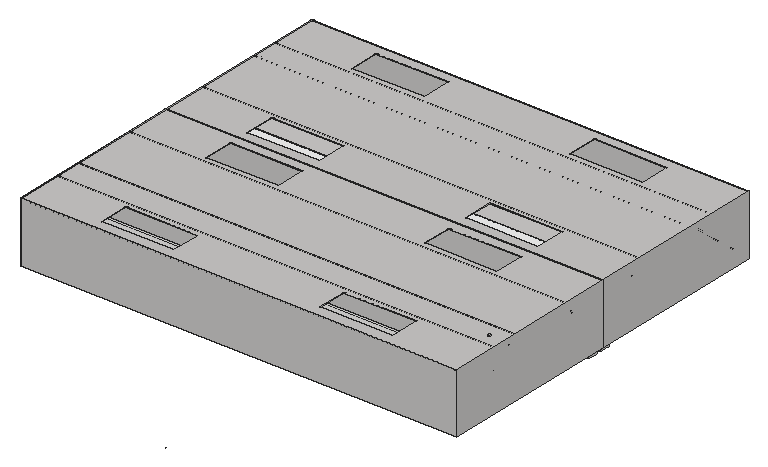
Revit family "QF_ELECTROLUXPROFESSIONAL_641397_STCF3036", category Specialty Equipment, Revit 2014
Reference planes
  plane 1 "Center (Front/Back)": y = 0
  plane 2: z = 0
  plane 3 "Center (Left/Right)": x = 400
  plane 4 "LEFT": x = -1400
  plane 5 "RIGHT": x = 2200
  plane 6 "BACK": y = 1500
  plane 7 "FRONT": y = -1500
  plane 8 "Base": z = 2000
  plane 9 "EIx": x = 2080
  plane 10 "Top": z = 2500
  plane 11 "BaseHood": z = 2000
  plane 12: y = -1020
Forms (mm)
  Extrusion 1, solid, material "QF_Finishes_Stainless Steel"
    sketch origin (0, -1020, 2500) x (0, 1, 0) y (-1, 0, 0)
      loop
        circle (0, -2080) r 10
    from 0 to 1.6
Dimensions and locks
  equal spacing: plane 6 "BACK", plane 1 "Center (Front/Back)", plane 7 "FRONT"
  plane 6 "BACK" to plane 7 "FRONT" = 3000.0 mm  (x2)
  locked: plane 9 "EIx" to plane 5 "RIGHT" at 120
  plane 11 "BaseHood" to level = 2000.0 mm
  plane 10 "Top" to plane 11 "BaseHood" = 500.0 mm
  equal spacing: plane 4 "LEFT", plane 3 "Center (Left/Right)", plane 5 "RIGHT"
  plane 4 "LEFT" to plane 5 "RIGHT" = 3600.0 mm
  nested 2 to plane 6 "BACK" = 1500.0 mm
  plane 12 to plane 7 "FRONT" = 480.0 mm
  aligned and locked: level to plane 2
Automatic sketch dimensions
  plane 1 "Center (Front/Back)" to Extrusion 1 sketch curve = 1020.0 mm
  Extrusion 1 sketch curve to plane 9 "EIx" = 0.0 mm
  radius of Extrusion 1 sketch curve = 10.0 mm
Nested families
  nested 1: "QF_ELECTROLUXPROFESSIONAL_641263" at (250, -550, 0), type "QF_ELECTROLUXPROFESSIONAL_641263"
  nested 2: "QF_ELECTROLUXPROFESSIONAL_641263" at (250, 550, 0), type "QF_ELECTROLUXPROFESSIONAL_641263"
Connectors
  hvac at (-500, -1289, 2505)
    settings: on nested 1, index 1, duct flow 0.0 L/s, flow factor 0, pres drop 0.0 Pa, loss coef 0, conn angle 0.00°, conn width 250 mm, conn height 600 mm, conn diameter 609.6 mm, duct sys type 1, conn prof type 1, flow config 1, flow direction 1, loss method 0, conn ref index -1, conn util no, is conn primary yes, conn desc "AIR INLET"
  hvac at (-500, 1289, 2505)
    settings: on nested 2, index 4, duct flow 0.0 L/s, flow factor 0, pres drop 0.0 Pa, loss coef 0, conn angle 0.00°, conn width 600 mm, conn height 250 mm, conn diameter 609.6 mm, duct sys type 1, conn prof type 1, flow config 1, flow direction 1, loss method 0, conn ref index -1, conn util no, is conn primary no, conn desc "AIR INLET"
  hvac at (1300, 1289, 2505)
    settings: on nested 2, index 5, duct flow 0.0 L/s, flow factor 0, pres drop 0.0 Pa, loss coef 0, conn angle 0.00°, conn width 600 mm, conn height 250 mm, conn diameter 609.6 mm, duct sys type 1, conn prof type 1, flow config 1, flow direction 1, loss method 0, conn ref index -1, conn util no, is conn primary no, conn desc "AIR INLET"
  hvac at (1300, -1289, 2505)
    settings: on nested 1, index 8, duct flow 0.0 L/s, flow factor 0, pres drop 0.0 Pa, loss coef 0, conn angle 0.00°, conn width 250 mm, conn height 600 mm, conn diameter 609.6 mm, duct sys type 1, conn prof type 1, flow config 1, flow direction 1, loss method 0, conn ref index -1, conn util no, is conn primary no, conn desc "AIR INLET"
  piping at (2080, 60, 1970), diameter 9.5
    settings: on nested 2, index 9, connector inside diameter 609.6 mm, connector length 0.0 mm, flow factor 0, pipe flow 0.0 L/s, pressure drop 0.0 Pa, fitting loss kfactor 0, connector angle 0.00°, fixture units 0, engagement length 0.0 mm, angle of deflection 0.00°, flow configuration 1, flow direction 2, fitting loss method 0, system type 16, joint type 0, gender type 0, connector reference index -1, connector utility 0, adjustable connector no, is connector primary yes, connector description "Drain"
  piping at (2080, -60, 1970), diameter 9.5
    settings: on nested 1, index 10, connector inside diameter 609.6 mm, connector length 0.0 mm, flow factor 0, pipe flow 0.0 L/s, pressure drop 0.0 Pa, fitting loss kfactor 0, connector angle 0.00°, fixture units 0, engagement length 0.0 mm, angle of deflection 0.00°, flow configuration 1, flow direction 2, fitting loss method 0, system type 16, joint type 0, gender type 0, connector reference index -1, connector utility 0, adjustable connector no, is connector primary no, connector description "Drain"
  electrical at (2080, -1020, 2501.6)
    settings: on Extrusion 1, index 11, voltage 0 V, apparent load 0 VA, apparent load phase1 0 VA, apparent load phase2 0 VA, apparent load phase3 0 VA, power factor 1, load classification "Other", number of poles 1, system type 30, power factor state 1, is connector primary yes, connector utility no, sub classification motor no, connector description "Electrical Connection"
  hvac at (-500, 211, 2500)
    settings: on nested 2, index 12, duct flow 0.0 L/s, flow factor 0, pres drop 0.0 Pa, loss coef 0, conn angle 0.00°, conn width 250 mm, conn height 600 mm, conn diameter 609.6 mm, duct sys type 3, conn prof type 1, flow config 1, flow direction 2, loss method 0, conn ref index -1, conn util no, is conn primary no, conn desc "EXHAUST OUTLET"
  hvac at (-500, -211, 2500)
    settings: on nested 1, index 13, duct flow 0.0 L/s, flow factor 0, pres drop 0.0 Pa, loss coef 0, conn angle 0.00°, conn width 600 mm, conn height 250 mm, conn diameter 609.6 mm, duct sys type 3, conn prof type 1, flow config 1, flow direction 2, loss method 0, conn ref index -1, conn util no, is conn primary no, conn desc "EXHAUST OUTLET"
  hvac at (1300, 211, 2500)
    settings: on nested 2, index 14, duct flow 0.0 L/s, flow factor 0, pres drop 0.0 Pa, loss coef 0, conn angle 0.00°, conn width 250 mm, conn height 600 mm, conn diameter 609.6 mm, duct sys type 3, conn prof type 1, flow config 1, flow direction 2, loss method 0, conn ref index -1, conn util no, is conn primary no, conn desc "EXHAUST OUTLET"
  hvac at (1300, -211, 2500)
    settings: on nested 1, index 15, duct flow 0.0 L/s, flow factor 0, pres drop 0.0 Pa, loss coef 0, conn angle 0.00°, conn width 600 mm, conn height 250 mm, conn diameter 609.6 mm, duct sys type 3, conn prof type 1, flow config 1, flow direction 2, loss method 0, conn ref index -1, conn util no, is conn primary no, conn desc "EXHAUST OUTLET"
Definition of nested family "QF_ELECTROLUXPROFESSIONAL_641263"
  Reference planes
    plane 1: z = 0
    plane 2 "Center (Left/Right)": x = 150
    plane 3 "LEFT": x = -1650
    plane 4 "RIGHT": x = 1950
    plane 5 "BACK": y = 550
    plane 6 "TOP": z = 2500
    plane 7 "Base": z = 2000
    plane 8: z = 1955
    plane 9 "DrainY": y = 490
    plane 10: x = -1647
    plane 11 "DrainX": x = 1830
    plane 12 "AOLeft2": x = -450
    plane 13 "AORight1": x = 750
    plane 14: x = 1947
    plane 15: x = -1450
    plane 16: x = 1750
    plane 17 "Center (Front/Back)": y = -200
    plane 18 "Front": y = -950
    plane 19 "AOLeft1": x = -1050
    plane 20 "AORight2": x = 1350
    plane 21: y = -864
    plane 22: y = -614
    plane 23 "EI_y": y = -470
    plane 24 "EIx": x = 1830
    plane 25: y = 464
    plane 26: y = 214
  Forms (mm)
    Extrusion 1, solid, material "QF_Finishes_Stainless Steel"
      sketch origin (-1650, 0, 360) x (0, 1, 0) y (0, 0, 1)
        loop
          line (550, 1640) -> (550, 2140) -> (-950, 2140) -> (-950, 1640) -> (550, 1640)
      from 0 to 3
    Extrusion 2, solid, material "QF_Finishes_Stainless Steel"
      sketch origin (1950, 0, 360) x (0, 1, 0) y (0, 0, 1)
        loop
          line (550, 1640) -> (550, 2140) -> (-950, 2140) -> (-950, 1640) -> (550, 1640)
      from 0 to -3
    Extrusion 3, solid, material "QF_Finishes_Stainless Steel"
      sketch origin (150, 0, 360) x (0, 1, 0) y (0, 0, 1)
        loop
          line (-950, 2140) -> (-950, 1640) -> (-940, 1640) -> (-940, 1640.8) -> (-949.2, 1640.8) -> (-949.2, 2139.19) -> (549.2, 2139.19) -> (549.2, 1640.8) -> (540, 1640.8) -> (540, 1640) -> (550, 1640) -> (550, 2140) -> (-950, 2140)
      from -1800 to 1800
    Extrusion 4, solid, material "QF_Finishes_Stainless Steel"
      sketch origin (0, 0, 2000) x (0, 1, 0) y (-1, 0, 0)
        loop
          circle (490, -1830) r 4.763
      from -30 to 0
    Extrusion 5, void
      sketch origin (0, 0, 2500) x (0, 1, 0) y (-1, 0, 0)
        loop
          line (-614, 450) -> (-614, 1050) -> (-864, 1050) -> (-864, 450) -> (-614, 450)
      from 0 to -10
    Extrusion 6, solid, material "QF_Finishes_Stainless Steel"
      sketch origin (0, 0, 0) x (1, 0, 0) y (0, 1, 0)
        loop
          line (-1650, 550) -> (-1650, 549) -> (-1649, 549) -> (-1649, 550) -> (-1650, 550)
      from 0 to 1
    Extrusion 7, solid, material "QF_LAMPS"
      sketch origin (150, 0, 360) x (0, 1, 0) y (0, 0, 1)
        loop
          line (-572.823, 1962.324) -> (-418.948, 2086.929) -> (-427.129, 2097.032) -> (-581.003, 1972.426) -> (-572.823, 1962.324)
      from 1797 to -1797
    Sweep 8, solid, material "QF_Finishes_Stainless Steel"
      path origin (0, 0, 0) x (1, 0, 0) y (0, 1, 0)
        loop
          line (1950, 550) -> (-1650, 550) -> (-1650, -950) -> (1950, -950) -> (1950, 550)
      profile origin (1950, -200, 0) x (1, 0, 0) y (0, 0, 1)
        loop
          line (-3, 2000) -> (-3, 2000.8) -> (-19, 2000.8) -> (-19, 2010) -> (-20, 2010) -> (-20, 2000) -> (-3, 2000)
    Extrusion 9, solid, material "QF_Finishes_Stainless Steel"
      sketch origin (150, 0, 0) x (0, 1, 0) y (0, 0, 1)
        loop
          line (414.66, 2095.469) -> (440.643, 2110.471) -> (261.744, 2411.771) -> (235.948, 2396.455) -> (414.66, 2095.469)
      from -1797 to -1600
    Extrusion 10, void
      sketch origin (1134.605, 0, 2500) x (0, 1, 0) y (-1, 0, 0)
        loop
          line (-614, -215.395) -> (-614, 384.605) -> (-864, 384.605) -> (-864, -215.395) -> (-614, -215.395)
      from 0 to -10
    Extrusion 11, solid, material "QF_Finishes_Stainless Steel"
      sketch origin (1830, 0, 0) x (0, 1, 0) y (0, 0, 1)
        loop
          line (539, 2000) -> (441, 2000) -> (441, 1989) -> (448.5, 1989) -> (448.5, 1965)
          arc (448.5, 1965) -> (451.429, 1957.929) -> (458.5, 1955) r 10
          line (458.5, 1955) -> (521.5, 1955)
          arc (521.5, 1955) -> (528.571, 1957.929) -> (531.5, 1965) r 10
          line (531.5, 1965) -> (531.5, 1989) -> (539, 1989) -> (539, 2000)
      from 90 to -90
    Extrusion 12, solid, material "QF_Finishes_Stainless Steel"
      sketch origin (150, 0, 0) x (0, 1, 0) y (0, 0, 1)
        loop
          line (414.66, 2095.469) -> (440.643, 2110.471) -> (261.744, 2411.771) -> (235.948, 2396.455) -> (414.66, 2095.469)
      from 1600 to 1797
    Extrusion 13, solid, material "QF_Finished_Chrome"
      sketch origin (150, 0, 0) x (0, 1, 0) y (0, 0, 1)
        loop
          line (414.66, 2095.469) -> (440.643, 2110.471) -> (261.744, 2411.771) -> (235.948, 2396.455) -> (414.66, 2095.469)
      from -1600 to 1600
    Extrusion 14, void
      sketch origin (0, 1180, 2500) x (0, 1, 0) y (-1, 0, 0)
        loop
          line (-716, 450) -> (-716, 1050) -> (-966, 1050) -> (-966, 450) -> (-716, 450)
      from 0 to -10
    Extrusion 15, void
      sketch origin (1600, 1180, 2500) x (0, 1, 0) y (-1, 0, 0)
        loop
          line (-716, 250) -> (-716, 850) -> (-966, 850) -> (-966, 250) -> (-716, 250)
      from 0 to -10
    Extrusion 16, solid, material "QF_Finishes_Stainless Steel"
      sketch origin (150, 0, 360) x (0, 1, 0) y (0, 0, 1)
        loop
          line (430.005, 1640) -> (540, 1640) -> (540, 1640.8) -> (430.467, 1640.8) -> (371.906, 1742.23) -> (414.858, 1734.657) -> (442.266, 1750.481) -> (442.266, 1765.943) -> (441.466, 1765.943) -> (441.466, 1750.943) -> (414.709, 1735.495) -> (321.153, 1751.991) -> (320.875, 1750.416) -> (371.4, 1741.507) -> (430.005, 1640)
        loop
          line (172.529, 2139.19) -> (242.893, 2017.316) -> (245.133, 2018.715) -> (240.13, 2027.381) -> (238.569, 2026.405) -> (173.453, 2139.19) -> (172.529, 2139.19)
      from -1797 to 1797
    Extrusion 17, solid, material "QF_Finishes_Stainless Steel"
      sketch origin (150, 200.8, 360) x (0, 1, 0) y (0, 0, 1)
        loop
          line (-1150, 2139.19) -> (-1150, 1640) -> (-1086.602, 1640) -> (-999.146, 1690.493) -> (-1010.058, 1709.394) -> (-1066.564, 1676.77) -> (-1114.704, 1680.982) -> (-1149.2, 1730.248) -> (-1149.2, 2139.19) -> (-1150, 2139.19)
        loop
          line (-773.6, 1961.694) -> (-781.937, 1971.99) -> (-769.095, 1982.182) -> (-769.095, 2139.19) -> (-769.895, 2139.19) -> (-769.895, 1982.569) -> (-1082.298, 1734.63) -> (-1071.091, 1720.79) -> (-773.6, 1961.694)
        loop
          line (-627.61, 2099.216) -> (-618.171, 2087.559) -> (-554.411, 2139.19) -> (-555.682, 2139.19) -> (-618.052, 2088.684) -> (-626.989, 2099.719) -> (-627.61, 2099.216)
      from -1797 to 1797
  Cuts and joins
    Extrusion 5, Extrusion 10, Extrusion 14, Extrusion 15 cuts Extrusion 3
    joined: Extrusion 2, Extrusion 3, Sweep 8
  Lines and regions (mm)
    symbolic lines, style "SpecialityEquipment", detail levels coarse
      curve 1: line (1950, 550, 2500) -> (-1650, 550, 2500)
      curve 2: line (-1650, 550, 2500) -> (-1650, -950, 2500)
      curve 3: line (1950, -950, 2500) -> (1950, 550, 2500)
      curve 4: line (-1650, 550, 0) -> (1950, -950, 0)
      curve 5: line (1950, 550, 0) -> (-1650, -950, 0)
      curve 6: line (-1650, -950, 0) -> (1950, -950, 0)
    symbolic lines, detail levels coarse
      curve 7: line (-1050, 214, 2500) -> (-450, 214, 2500)
      curve 8: line (-1050, 464, 2500) -> (-1050, 214, 2500)
      curve 9: line (-450, 464, 2500) -> (-1050, 464, 2500)
      curve 10: line (-450, 214, 2500) -> (-450, 464, 2500)
      curve 11: line (750, 464, 2500) -> (750, 214, 2500)
      curve 12: line (1350, 464, 2500) -> (750, 464, 2500)
      curve 13: line (750, 214, 2500) -> (1350, 214, 2500)
      curve 14: line (1350, 214, 2500) -> (1350, 464, 2500)
    symbolic lines
      curve 15: line (-1050, -614, 0) -> (-450, -614, 0)
      curve 16: line (-1050, -864, 0) -> (-1050, -614, 0)
      curve 17: line (-450, -864, 0) -> (-1050, -864, 0)
      curve 18: line (-450, -614, 0) -> (-450, -864, 0)
      curve 19: line (750, -614, 0) -> (1350, -614, 0)
      curve 20: line (750, -864, 0) -> (750, -614, 0)
      curve 21: line (1350, -864, 0) -> (750, -864, 0)
      curve 22: line (1350, -614, 0) -> (1350, -864, 0)
  Dimensions and locks
    plane 3 "LEFT" to plane 4 "RIGHT" = 3600.0 mm
    equal spacing: plane 3 "LEFT", plane 2 "Center (Left/Right)", plane 4 "RIGHT"
    plane 7 "Base" to plane 8 = 45.0 mm
    plane 5 "BACK" to plane 9 "DrainY" = 60.0 mm  (x2)
    plane 3 "LEFT" to plane 10 = 3.0 mm
    plane 11 "DrainX" to plane 4 "RIGHT" = 120.0 mm
    plane 14 to plane 4 "RIGHT" = 3.0 mm
    plane 3 "LEFT" to plane 15 = 200.0 mm
    plane 16 to plane 4 "RIGHT" = 200.0 mm
    locked: plane 12 "AOLeft2" to plane 13 "AORight1" at 1200
    equal spacing: plane 12 "AOLeft2", plane 2 "Center (Left/Right)", plane 13 "AORight1"
    locked: plane 7 "Base" to level at 2000
    locked: plane 6 "TOP" to plane 7 "Base" at 500
    locked: plane 19 "AOLeft1" to plane 12 "AOLeft2" at 600
    locked: plane 13 "AORight1" to plane 20 "AORight2" at 600
    locked: plane 22 to plane 21 at 250
    locked: plane 21 to plane 18 "Front" at 86
    locked: plane 23 "EI_y" to plane 18 "Front" at 480
    locked: plane 24 "EIx" to plane 4 "RIGHT" at 120
    locked: plane 5 "BACK" to plane 18 "Front" at 1500
    plane 5 "BACK" to plane 18 "Front" = 1500.0 mm
    equal spacing: plane 5 "BACK", plane 17 "Center (Front/Back)", plane 18 "Front"
    locked: plane 26 to plane 25 at 250
    plane 5 "BACK" to plane 25 = 86.0 mm
    aligned and locked: level to plane 1
    aligned and locked: plane 4 "RIGHT" to Extrusion 3
    aligned and locked: Extrusion 3 to plane 3 "LEFT"
    aligned and locked: Extrusion 2 to plane 14
    aligned and locked: Extrusion 9 to plane 10
    aligned and locked: Extrusion 5 to plane 19 "AOLeft1"
    aligned and locked: Extrusion 5 to plane 12 "AOLeft2"
    aligned and locked: plane 20 "AORight2" to Extrusion 10
    aligned and locked: plane 13 "AORight1" to Extrusion 10
    aligned and locked: plane 15 to Extrusion 9
    aligned and locked: plane 16 to Extrusion 12
    aligned and locked: plane 14 to Extrusion 12
    aligned and locked: Extrusion 13 to plane 15
    aligned and locked: Extrusion 13 to plane 16
    aligned and locked: plane 14 to Extrusion 7
    aligned and locked: Extrusion 7 to plane 10
    aligned and locked: plane 13 "AORight1" to Extrusion 15
    aligned and locked: plane 20 "AORight2" to Extrusion 15
    aligned and locked: Extrusion 14 to plane 19 "AOLeft1"
    aligned and locked: Extrusion 14 to plane 12 "AOLeft2"
    aligned and locked: Extrusion 16 to plane 10
    aligned and locked: plane 14 to Extrusion 16
    aligned and locked: Extrusion 5 to plane 21
    aligned and locked: plane 22 to Extrusion 5
    aligned and locked: Extrusion 10 to plane 21
    aligned and locked: Extrusion 17 to plane 10
    aligned and locked: plane 14 to Extrusion 17
    aligned and locked: cut or joined group of Extrusion 2, Extrusion 3, Extrusion 5, Sweep 8, Extrusion 10, Extrusion 14, Extrusion 15 to plane 25  (x2)
    aligned and locked: curve 9 to plane 25
    aligned and locked: plane 26 to cut or joined group of Extrusion 2, Extrusion 3, Extrusion 5, Sweep 8, Extrusion 10, Extrusion 14, Extrusion 15  (x2)
    aligned and locked: curve 12 to plane 25
    aligned and locked: cut or joined group of Extrusion 2, Extrusion 3, Extrusion 5, Sweep 8, Extrusion 10, Extrusion 14, Extrusion 15 to plane 26
    aligned and locked: plane 26 to curve 7
    aligned and locked: plane 26 to curve 13
  Automatic sketch dimensions
    Extrusion 4 sketch curve to plane 9 "DrainY" = 0.0 mm
    Extrusion 4 sketch curve to plane 11 "DrainX" = 0.0 mm
    Extrusion 9 sketch curve to plane 9 "DrainY" = 75.34 mm
    Extrusion 9 sketch curve to Extrusion 9 sketch curve = 25.983 mm
    plane 7 "Base" to Extrusion 9 sketch curve = 95.469 mm
    Extrusion 9 sketch curve to Extrusion 9 sketch curve = 15.001 mm
    Extrusion 9 sketch curve to plane 6 "TOP" = 103.545 mm
    Extrusion 9 sketch curve to Extrusion 9 sketch curve = 15.316 mm
    Extrusion 12 sketch curve to plane 9 "DrainY" = 75.34 mm
    Extrusion 12 sketch curve to Extrusion 12 sketch curve = 25.983 mm
    plane 7 "Base" to Extrusion 12 sketch curve = 95.469 mm
    Extrusion 12 sketch curve to Extrusion 12 sketch curve = 15.001 mm
    Extrusion 12 sketch curve to plane 6 "TOP" = 103.545 mm
    Extrusion 12 sketch curve to Extrusion 12 sketch curve = 15.316 mm
    Extrusion 13 sketch curve to plane 9 "DrainY" = 75.34 mm
    Extrusion 13 sketch curve to Extrusion 13 sketch curve = 25.983 mm
    plane 7 "Base" to Extrusion 13 sketch curve = 95.469 mm
    Extrusion 13 sketch curve to Extrusion 13 sketch curve = 15.001 mm
    Extrusion 13 sketch curve to plane 6 "TOP" = 103.545 mm
    Extrusion 13 sketch curve to Extrusion 13 sketch curve = 15.316 mm
    Extrusion 16 sketch curve to plane 7 "Base" = 0.0 mm
    Extrusion 16 sketch curve to plane 6 "TOP" = 0.81 mm
    Extrusion 16 sketch curve to Extrusion 16 sketch curve = 0.924 mm
    Extrusion 16 sketch curve to Extrusion 16 sketch curve = 2.24 mm
    Extrusion 16 sketch curve to Extrusion 16 sketch curve = 0.278 mm
    Extrusion 16 sketch curve to Extrusion 16 sketch curve = 50.525 mm
    Extrusion 16 sketch curve to Extrusion 16 sketch curve = 0.506 mm
    Extrusion 16 sketch curve to Extrusion 16 sketch curve = 42.803 mm
    Extrusion 16 sketch curve to Extrusion 16 sketch curve = 0.148 mm
    Extrusion 16 sketch curve to plane 9 "DrainY" = 59.995 mm
    plane 7 "Base" to Extrusion 16 sketch curve = 0.8 mm
    Extrusion 16 sketch curve to Extrusion 16 sketch curve = 0.462 mm  (x2)
    Extrusion 16 sketch curve to Extrusion 16 sketch curve = 109.533 mm
    Extrusion 16 sketch curve to Extrusion 16 sketch curve = 26.757 mm
    Extrusion 16 sketch curve to Extrusion 16 sketch curve = 0.8 mm
    plane 7 "Base" to Extrusion 16 sketch curve = 94.657 mm
    Extrusion 16 sketch curve to Extrusion 16 sketch curve = 0.838 mm
    Extrusion 16 sketch curve to Extrusion 16 sketch curve = 6.012 mm
    Extrusion 16 sketch curve to Extrusion 16 sketch curve = 0.723 mm
    Extrusion 16 sketch curve to Extrusion 16 sketch curve = 14.986 mm
    Extrusion 16 sketch curve to Extrusion 16 sketch curve = 15.0 mm
    Extrusion 16 sketch curve to plane 6 "TOP" = 122.684 mm
    Extrusion 16 sketch curve to Extrusion 16 sketch curve = 1.399 mm
    Extrusion 16 sketch curve to Extrusion 16 sketch curve = 9.089 mm
    Extrusion 16 sketch curve to Extrusion 16 sketch curve = 0.975 mm
    Extrusion 9 sketch curve to plane 9 "DrainY" = 228.256 mm
    Extrusion 9 sketch curve to Extrusion 9 sketch curve = 25.795 mm
    Extrusion 12 sketch curve to plane 9 "DrainY" = 228.256 mm
    Extrusion 12 sketch curve to Extrusion 12 sketch curve = 25.795 mm
    Extrusion 13 sketch curve to plane 9 "DrainY" = 228.256 mm
    Extrusion 13 sketch curve to Extrusion 13 sketch curve = 25.795 mm
    Extrusion 16 sketch curve to plane 9 "DrainY" = 75.142 mm
    Extrusion 16 sketch curve to plane 9 "DrainY" = 244.867 mm
    Extrusion 16 sketch curve to Extrusion 16 sketch curve = 5.003 mm
    Extrusion 16 sketch curve to Extrusion 16 sketch curve = 1.561 mm
    Extrusion 16 sketch curve to Extrusion 16 sketch curve = 66.677 mm
    curve 6 to plane 3 "LEFT" = 0.0 mm
    curve 4 to plane 3 "LEFT" = 0.0 mm
    curve 16 to plane 19 "AOLeft1" = 0.0 mm
    curve 18 to plane 12 "AOLeft2" = 0.0 mm
    curve 20 to plane 13 "AORight1" = 0.0 mm
    curve 22 to plane 20 "AORight2" = 0.0 mm
    curve 6 to plane 4 "RIGHT" = 0.0 mm
    curve 5 to plane 4 "RIGHT" = 0.0 mm
    curve 4 to plane 18 "Front" = 0.0 mm
    curve 21 to plane 21 = 0.0 mm
    curve 17 to plane 21 = 0.0 mm
    curve 18 to plane 22 = 0.0 mm
    curve 19 to plane 22 = 0.0 mm
    curve 4 to plane 5 "BACK" = 0.0 mm
    curve 5 to plane 5 "BACK" = 0.0 mm
    curve 2 to plane 3 "LEFT" = 0.0 mm
    curve 2 to plane 18 "Front" = 0.0 mm
    curve 3 to plane 4 "RIGHT" = 0.0 mm
    curve 3 to plane 18 "Front" = 0.0 mm
    curve 13 to plane 20 "AORight2" = 0.0 mm
    curve 11 to plane 13 "AORight1" = 0.0 mm
    curve 7 to plane 19 "AOLeft1" = 0.0 mm
    curve 7 to plane 12 "AOLeft2" = 0.0 mm
    curve 2 to plane 5 "BACK" = 0.0 mm
    Extrusion 1 sketch curve to plane 7 "Base" = 0.0 mm
    Extrusion 1 sketch curve to plane 18 "Front" = 0.0 mm
    Extrusion 1 sketch curve to plane 5 "BACK" = 0.0 mm
    Extrusion 1 sketch curve to plane 6 "TOP" = 0.0 mm
    Extrusion 2 sketch curve to plane 7 "Base" = 0.0 mm
    Extrusion 2 sketch curve to plane 18 "Front" = 0.0 mm
    Extrusion 2 sketch curve to plane 5 "BACK" = 0.0 mm
    Extrusion 2 sketch curve to plane 6 "TOP" = 0.0 mm
    Extrusion 3 sketch curve to plane 6 "TOP" = 0.0 mm
    Extrusion 3 sketch curve to plane 18 "Front" = 0.0 mm
    Extrusion 3 sketch curve to plane 7 "Base" = 0.0 mm  (x2)
    Extrusion 3 sketch curve to plane 5 "BACK" = 0.0 mm
    plane 18 "Front" to Extrusion 3 sketch curve = 0.8 mm
    Extrusion 3 sketch curve to Extrusion 3 sketch curve = 9.2 mm
    plane 7 "Base" to Extrusion 3 sketch curve = 0.8 mm  (x2)
    Extrusion 3 sketch curve to plane 5 "BACK" = 10.0 mm
    Extrusion 3 sketch curve to plane 5 "BACK" = 0.8 mm
    Extrusion 3 sketch curve to plane 6 "TOP" = 0.81 mm
    Extrusion 5 sketch curve to plane 12 "AOLeft2" = 0.0 mm
    Extrusion 5 sketch curve to plane 21 = 0.0 mm
    Extrusion 5 sketch curve to plane 22 = 0.0 mm
    Extrusion 5 sketch curve to plane 19 "AOLeft1" = 0.0 mm
    Extrusion 6 sketch curve to plane 3 "LEFT" = 0.0 mm
    Extrusion 6 sketch curve to plane 5 "BACK" = 0.0 mm
    plane 3 "LEFT" to Extrusion 6 sketch curve = 1.0 mm
    Extrusion 6 sketch curve to Extrusion 6 sketch curve = 1.0 mm
    plane 22 to Extrusion 7 sketch curve = 32.997 mm
    Extrusion 7 sketch curve to Extrusion 7 sketch curve = 8.181 mm  (x2)
    plane 23 "EI_y" to Extrusion 7 sketch curve = 42.871 mm
    Extrusion 7 sketch curve to plane 6 "TOP" = 177.676 mm
    Extrusion 7 sketch curve to Extrusion 7 sketch curve = 10.102 mm
    Extrusion 7 sketch curve to plane 6 "TOP" = 53.071 mm
    Extrusion 7 sketch curve to Extrusion 7 sketch curve = 10.103 mm
    Sweep 8 sketch curve to plane 3 "LEFT" = 0.0 mm
    Sweep 8 sketch curve to plane 4 "RIGHT" = 0.0 mm
    Sweep 8 sketch curve to plane 18 "Front" = 0.0 mm
    Sweep 8 sketch curve to plane 5 "BACK" = 0.0 mm
    profile plane to Sweep 8 sketch curve = 20.0 mm
    Sweep 8 sketch curve to Sweep 8 sketch curve = 1.0 mm
    profile plane to Sweep 8 sketch curve = 3.0 mm
    level to Sweep 8 sketch curve = 2000.0 mm
    Sweep 8 sketch curve to Sweep 8 sketch curve = 0.8 mm
    Sweep 8 sketch curve to Sweep 8 sketch curve = 9.2 mm
    Extrusion 10 sketch curve to plane 20 "AORight2" = 0.0 mm
    Extrusion 10 sketch curve to plane 21 = 0.0 mm
    Extrusion 10 sketch curve to plane 22 = 0.0 mm
    Extrusion 10 sketch curve to plane 13 "AORight1" = 0.0 mm
    Extrusion 11 sketch curve to plane 7 "Base" = 0.0 mm
    Extrusion 11 sketch curve to plane 8 = 0.0 mm
    Extrusion 11 sketch curve to plane 7 "Base" = 11.0 mm  (x2)
    plane 25 to Extrusion 11 sketch curve = 23.0 mm
    Extrusion 11 sketch curve to Extrusion 11 sketch curve = 7.5 mm  (x2)
    plane 25 to Extrusion 11 sketch curve = 5.5 mm
    Extrusion 11 sketch curve to plane 5 "BACK" = 28.5 mm
    Extrusion 11 sketch curve to plane 5 "BACK" = 18.5 mm
    Extrusion 14 sketch curve to plane 12 "AOLeft2" = 0.0 mm
    Extrusion 14 sketch curve to plane 19 "AOLeft1" = 0.0 mm
    Extrusion 14 sketch curve to plane 9 "DrainY" = 26.0 mm
    Extrusion 14 sketch curve to plane 26 = 0.0 mm
    Extrusion 15 sketch curve to plane 20 "AORight2" = 0.0 mm
    Extrusion 15 sketch curve to plane 13 "AORight1" = 0.0 mm
    Extrusion 15 sketch curve to plane 9 "DrainY" = 26.0 mm
    Extrusion 15 sketch curve to plane 26 = 0.0 mm
    Extrusion 17 sketch curve to plane 7 "Base" = 0.0 mm
    plane 18 "Front" to Extrusion 17 sketch curve = 0.8 mm
    Extrusion 17 sketch curve to Extrusion 17 sketch curve = 0.8 mm  (x2)
    plane 18 "Front" to Extrusion 17 sketch curve = 36.096 mm
    Extrusion 17 sketch curve to plane 21 = 21.802 mm
    Extrusion 17 sketch curve to plane 21 = 17.498 mm
    Extrusion 17 sketch curve to plane 21 = 6.291 mm
    Extrusion 17 sketch curve to plane 21 = 1.764 mm
    plane 21 to Extrusion 17 sketch curve = 54.742 mm
    Extrusion 17 sketch curve to Extrusion 17 sketch curve = 10.912 mm
    plane 22 to Extrusion 17 sketch curve = 32.863 mm
    Extrusion 17 sketch curve to Extrusion 17 sketch curve = 8.337 mm
    Extrusion 17 sketch curve to Extrusion 17 sketch curve = 12.042 mm
    plane 23 "EI_y" to Extrusion 17 sketch curve = 43.19 mm
    Extrusion 17 sketch curve to Extrusion 17 sketch curve = 0.622 mm
    Extrusion 17 sketch curve to Extrusion 17 sketch curve = 9.44 mm
    Extrusion 17 sketch curve to Extrusion 17 sketch curve = 0.118 mm
    Extrusion 17 sketch curve to plane 6 "TOP" = 0.81 mm  (x3)
    Extrusion 17 sketch curve to Extrusion 17 sketch curve = 62.37 mm
    Extrusion 17 sketch curve to Extrusion 17 sketch curve = 1.271 mm
    plane 7 "Base" to Extrusion 17 sketch curve = 36.77 mm
    plane 7 "Base" to Extrusion 17 sketch curve = 40.982 mm
    plane 7 "Base" to Extrusion 17 sketch curve = 50.493 mm
    Extrusion 17 sketch curve to Extrusion 17 sketch curve = 18.901 mm
    Extrusion 17 sketch curve to Extrusion 17 sketch curve = 44.02 mm
    Extrusion 17 sketch curve to Extrusion 17 sketch curve = 49.266 mm
    Extrusion 17 sketch curve to Extrusion 17 sketch curve = 13.84 mm
    Extrusion 17 sketch curve to plane 6 "TOP" = 178.306 mm
    Extrusion 17 sketch curve to Extrusion 17 sketch curve = 10.296 mm
    Extrusion 17 sketch curve to Extrusion 17 sketch curve = 10.192 mm
    Extrusion 17 sketch curve to Extrusion 17 sketch curve = 0.386 mm
    Extrusion 17 sketch curve to plane 6 "TOP" = 52.441 mm
    Extrusion 17 sketch curve to Extrusion 17 sketch curve = 1.125 mm
    radius of Extrusion 4 sketch curve = 4.763 mm
